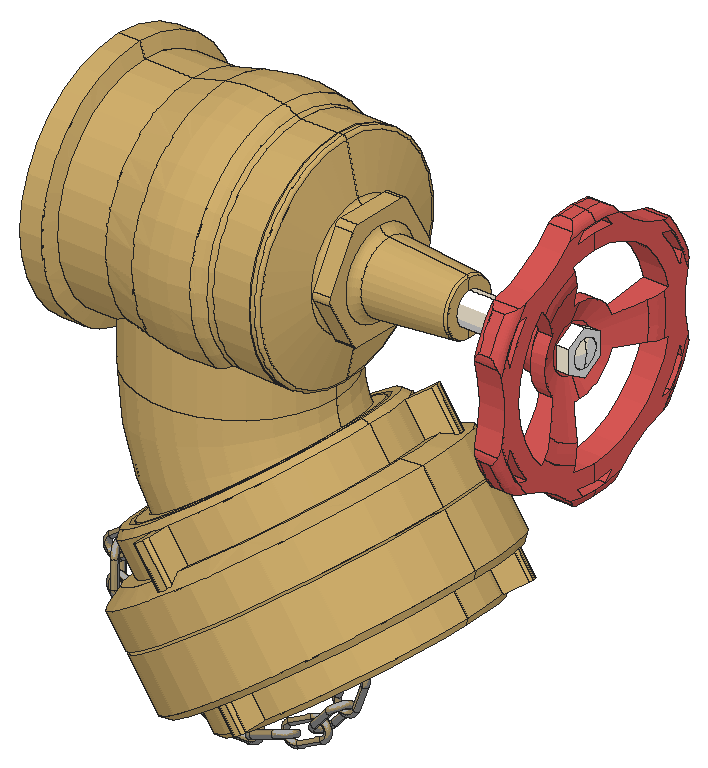
Revit family "Valvula para Hidrante", category Acessórios do tubo, Revit 2026
Family settings
  Cota do conector redondo = Usar raio
  Tipo de parte = Válvula - Normal
  Com base no plano de trabalho = Não
  Sempre na vertical = Não
  Corte com vazios quando carregada = Não
  Compartilhado = Sim
Parameters (values of type "Válvula do Hidrante Simples - 2.1/2"")
  Volante [instance] = Vermelho - Docol
  FireUtils - Vazão Mínima = 0.0 L/min
  FireUtils - Tipo do Sistema = 1
  Tipo de imagem = Valvula Angular Hidrante.jpg
  Perda de Carga [instance] = if(Diâmetro Nominal = 15.000 mm, 2.6, if(Diâmetro Nominal = 20.000 mm, 3.6, if(Diâmetro Nominal = 25.000 mm, 4.6, if(Diâmetro Nominal = 32.000 mm, 5.6, if(Diâmetro Nominal = 40.000 mm, 6.7, if(Diâmetro Nominal = 50.000 mm, 8.5, if(Diâmetro Nominal = 65.000 mm, 10, if(Diâmetro Nominal = 75.000 mm, 13, if(Diâmetro Nominal = 100.000 mm, 17, if(Diâmetro Nominal = 125.000 mm, 21, if(Diâmetro Nominal = 150.000 mm, 26, 0)))))))))))  # 10
  Ligar tampa storz [instance] = yes
  Ligar Adaptador storz [instance] = yes
  FireUtils - Pressão Mínima = 0.0 kPa
  FireUtils - Pressão [instance] = 0.0 kPa
  FireUtils - ID Hidrante [instance] = ""
  FireUtils - Diâmetro da Mangueira = 25 mm
  FireUtils - Comprimento da Mangueira = 30000.000 mm
  Docol: Bitola = "2 1/2\""
  Diâmetro Nominal = Raio Nominal * 2  # 65 mm
  DESCRIÇÃO DO MATERIAL = "Válvula para hidrante 45º 2.1/2''"  # constant formula
  Type Comments = ""
  K Coefficient = 0
  URL = ""
  Raio Nominal = 32.5 mm
  Modelo = Docol: Código  # "00322800"
  Fabricante = Docol: Fabricante  # "Docol"
  FireUtils - Vazão [instance] = 0.0 L/min
  Docol: Temperatura Máxima = 120 °C
  Docol: Marcador [instance] = "00"
  Docol: Link do Produto = "http://www.docol.com.br/pt/produto/valvula-para-hidrante-45"
  Docol: Linha = "Válvula Angular para Hidrante"
  Docol: Fabricante = "Docol"
  Docol: Descrição = "Válvula para hidrante 45º 2 1/2\""
  Docol: Código = "00322800"
  Docol: Categoria = "Válvulas"
  Docol: Ambiente = "Hidráulicos"
  Docol: Acabamento = "Bronze"
  Descrição = "Valvula do Hidrante"
  Elevação padrão = 1.300 mm
  Corpo [instance] = Dourado - Docol
Reference planes
  plane 1 "Center (Front/Back)": y = 0
  plane 2: z = 0
  plane 3 "Center (Left/Right)": x = 0
Forms (mm)
  Revolve 1, solid, material "Dourado - Docol" <- "Corpo", detail levels fine
    sketch origin (-81.633, 0, 0) x (0, 0, -1) y (1, 0, 0)
      loop
        line (0, 0) -> (0, 90.625) -> (-20.291, 90.625)
        arc (-20.291, 90.625) -> (-20.739, 89.401) -> (-21.845, 88.711) r 2.005
        line (-21.845, 88.711) -> (-39.947, 84.532)
        arc (-39.947, 84.532) -> (-40.705, 84.054) -> (-41, 83.208) r 1.359
        line (-41, 83.208) -> (-41, 81.633) -> (-38.742, 81.315) -> (-41, 81.315) -> (-41, 67.73)
        arc (-41, 67.73) -> (-41.108, 66.698) -> (-41.426, 65.711) r 5
        arc (-41.426, 65.711) -> (-42.923, 63.743) -> (-43.807, 61.434) r 8.717
        arc (-43.807, 61.434) -> (-44.967, 50.583) -> (-43.58, 39.759) r 46.766
        line (-43.58, 39.759) -> (-40.493, 27.376) -> (-40.493, 9.561) -> (-45.674, 7.877) -> (-45.674, 0) -> (0, 0)
      axis (0, 90.625) -> (0, 0)
    angle from 0 to 360
  Extrusion 2, solid, material "Dourado - Docol" <- "Corpo", detail levels fine
    sketch origin (8.992, 0, 0) x (0, 1, 0) y (0, 0, 1)
      loop
        line (22.696, 1.5) -> (12.647, 18.905)
        arc (12.647, 18.905) -> (11.549, 20.003) -> (10.049, 20.405) r 3
        line (10.049, 20.405) -> (-10.049, 20.405)
        arc (-10.049, 20.405) -> (-11.549, 20.003) -> (-12.647, 18.905) r 3
        line (-12.647, 18.905) -> (-22.696, 1.5)
        arc (-22.696, 1.5) -> (-23.098, 0) -> (-22.696, -1.5) r 3
        line (-22.696, -1.5) -> (-12.647, -18.905)
        arc (-12.647, -18.905) -> (-11.549, -20.003) -> (-10.049, -20.405) r 3
        line (-10.049, -20.405) -> (10.049, -20.405)
        arc (10.049, -20.405) -> (11.549, -20.003) -> (12.647, -18.905) r 3
        line (12.647, -18.905) -> (22.696, -1.5)
        arc (22.696, -1.5) -> (23.098, 0) -> (22.696, 1.5) r 3
    from 0 to 6.342
  Revolve 3, solid, material "Metal prata", detail levels fine
    sketch origin (-81.633, 0, 0) x (0, 0, -1) y (1, 0, 0)
      loop
        line (0, 130.15) -> (0, 173.689)
        arc (0, 173.689) -> (-2.534, 173.495) -> (-5.037, 173.052) r 25.767
        line (-5.037, 173.052) -> (-5.037, 163.727) -> (-5.999, 162.766) -> (-5.999, 130.15) -> (0, 130.15)
      axis (0, 173.689) -> (0, 130.15)
    angle from 0 to 360
  Extrusion 4, solid, material "Metal prata", detail levels fine
    sketch origin (91.42, 0, 0) x (0, 1, 0) y (0, 0, 1)
      loop
        line (7.178, 4.144) -> (0, 8.289) -> (-7.178, 4.144) -> (-7.178, -4.144) -> (0, -8.289) -> (7.178, -4.144) -> (7.178, 4.144)
      loop
        circle (0, 0) r 5.037
    from 0 to -5
  Revolve 5, solid, material "Vermelho - Docol" <- "Volante", detail levels fine
    sketch origin (-81.633, 0, 0) x (0, 0, -1) y (1, 0, 0)
      loop
        line (0, 151.324) -> (0, 168.052) -> (-8.638, 168.052) -> (-26.938, 175.512)
        arc (-26.938, 175.512) -> (-30.07, 176.447) -> (-33.322, 176.763) r 16.913
        line (-33.322, 176.763) -> (-44.606, 176.763)
        arc (-44.606, 176.763) -> (-46.907, 175.81) -> (-47.86, 173.508) r 3.254
        line (-47.86, 173.508) -> (-47.86, 169.197)
        arc (-47.86, 169.197) -> (-47.296, 167.837) -> (-45.935, 167.273) r 1.925
        line (-45.935, 167.273) -> (-23.107, 167.273)
        arc (-23.107, 167.273) -> (-19.925, 166.98) -> (-16.85, 166.113) r 17.458
        line (-16.85, 166.113) -> (-13.247, 164.73)
        arc (-13.247, 164.73) -> (-12.136, 163.915) -> (-11.592, 162.649) r 2.619
        line (-11.592, 162.649) -> (-10, 151.324) -> (0, 151.324)
      axis (0, 176.763) -> (0, 151.324)
    angle from 0 to 360
  Extrusion 6, void
    sketch origin (69.692, 0, 0) x (0, 0, -1) y (0, 1, 0)
      loop
        circle (0, 0) r 57.76
      loop
        arc (-14.596, 44.088) -> (-16.805, 44.467) -> (-19.018, 44.117) r 6.885
        arc (-19.018, 44.117) -> (-24.142, 41.816) -> (-28.697, 38.529) r 27.699
        arc (-28.697, 38.529) -> (-30.107, 36.787) -> (-30.883, 34.685) r 6.885
        arc (-30.883, 34.685) -> (-36.055, 20.816) -> (-45.48, 9.403) r 44.606
        arc (-45.48, 9.403) -> (-46.912, 7.68) -> (-47.715, 5.588) r 6.885
        arc (-47.715, 5.588) -> (-48.285, 0) -> (-47.715, -5.588) r 27.699
        arc (-47.715, -5.588) -> (-46.912, -7.68) -> (-45.48, -9.403) r 6.885
        arc (-45.48, -9.403) -> (-36.055, -20.816) -> (-30.883, -34.685) r 44.606
        arc (-30.883, -34.685) -> (-30.107, -36.787) -> (-28.697, -38.529) r 6.885
        arc (-28.697, -38.529) -> (-24.142, -41.816) -> (-19.018, -44.117) r 27.699
        arc (-19.018, -44.117) -> (-16.805, -44.467) -> (-14.596, -44.088) r 6.885
        arc (-14.596, -44.088) -> (0, -41.632) -> (14.596, -44.088) r 44.606
        arc (14.596, -44.088) -> (16.805, -44.467) -> (19.018, -44.117) r 6.885
        arc (19.018, -44.117) -> (24.142, -41.816) -> (28.697, -38.529) r 27.699
        arc (28.697, -38.529) -> (30.107, -36.787) -> (30.883, -34.685) r 6.885
        arc (30.883, -34.685) -> (36.055, -20.816) -> (45.48, -9.403) r 44.606
        arc (45.48, -9.403) -> (46.912, -7.68) -> (47.715, -5.588) r 6.885
        arc (47.715, -5.588) -> (48.285, 0) -> (47.715, 5.588) r 27.699
        arc (47.715, 5.588) -> (46.912, 7.68) -> (45.48, 9.403) r 6.885
        arc (45.48, 9.403) -> (36.055, 20.816) -> (30.883, 34.685) r 44.606
        arc (30.883, 34.685) -> (30.107, 36.787) -> (28.697, 38.529) r 6.885
        arc (28.697, 38.529) -> (24.142, 41.816) -> (19.018, 44.117) r 27.699
        arc (19.018, 44.117) -> (16.805, 44.467) -> (14.596, 44.088) r 6.885
        arc (14.596, 44.088) -> (0, 41.632) -> (-14.596, 44.088) r 44.606
    from -4.97 to 28.346
  Sweep 7, solid, material "Dourado - Docol" <- "Corpo", detail levels fine
    path origin (-81.633, 0, 0) x (0, 0, -1) y (1, 0, 0)
      loop
        line (23.105, 45.046) -> (47.286, 45.046)
        arc (47.286, 45.046) -> (65.329, 47.823) -> (81.701, 55.897) r 60
        line (81.701, 55.897) -> (93.645, 64.26)
    profile origin (-36.587, 0, -35.196) x (0, -1, 0) y (1, 0, 0)
      loop
        circle (0, 0) r 35.885
      loop
        circle (0, 0) r 35
  Extrusion 8, void
    sketch origin (69.692, 0, 0) x (0, 0, -1) y (0, 1, 0)
      loop
        line (-5.511, 14.957) -> (-8.128, 34.55)
        arc (-8.128, 34.55) -> (-30.738, 17.746) -> (-33.985, -10.236) r 35.493
        line (-33.985, -10.236) -> (-15.709, -2.706)
        arc (-15.709, -2.706) -> (-13.804, 7.97) -> (-5.511, 14.957) r 15.94
      loop
        arc (-12.885, 39.371) -> (-15.175, 40.062) -> (-17.429, 40.864) r 48.606
        arc (-17.429, 40.864) -> (-22.213, 38.474) -> (-26.675, 35.526) r 44.426
        arc (-26.675, 35.526) -> (-27.107, 33.173) -> (-27.654, 30.844) r 48.606
        arc (-27.654, 30.844) -> (-20.713, 35.876) -> (-12.885, 39.371) r 41.426
      loop
        line (15.709, -2.706) -> (33.985, -10.236)
        arc (33.985, -10.236) -> (30.738, 17.746) -> (8.128, 34.55) r 35.493
        line (8.128, 34.55) -> (5.511, 14.957)
        arc (5.511, 14.957) -> (13.804, 7.97) -> (15.709, -2.706) r 15.94
      loop
        line (-10.197, -12.251) -> (-25.857, -24.314)
        arc (-25.857, -24.314) -> (0, -35.493) -> (25.857, -24.314) r 35.493
        line (25.857, -24.314) -> (10.197, -12.251)
        arc (10.197, -12.251) -> (0, -15.94) -> (-10.197, -12.251) r 15.94
      loop
        arc (12.885, 39.371) -> (20.713, 35.876) -> (27.654, 30.844) r 41.426
        arc (27.654, 30.844) -> (27.107, 33.173) -> (26.675, 35.526) r 48.606
        arc (26.675, 35.526) -> (22.213, 38.474) -> (17.429, 40.864) r 44.426
        arc (17.429, 40.864) -> (15.175, 40.062) -> (12.885, 39.371) r 48.606
      loop
        arc (-12.885, -39.371) -> (-20.713, -35.876) -> (-27.654, -30.844) r 41.426
        arc (-27.654, -30.844) -> (-27.107, -33.173) -> (-26.675, -35.526) r 48.606
        arc (-26.675, -35.526) -> (-22.213, -38.474) -> (-17.429, -40.864) r 44.426
        arc (-17.429, -40.864) -> (-15.175, -40.062) -> (-12.885, -39.371) r 48.606
      loop
        arc (12.885, -39.371) -> (15.175, -40.062) -> (17.429, -40.864) r 48.606
        arc (17.429, -40.864) -> (22.213, -38.474) -> (26.675, -35.526) r 44.426
        arc (26.675, -35.526) -> (27.107, -33.173) -> (27.654, -30.844) r 48.606
        arc (27.654, -30.844) -> (20.713, -35.876) -> (12.885, -39.371) r 41.426
      loop
        arc (-40.539, 8.527) -> (-42.282, 6.889) -> (-44.104, 5.338) r 48.606
        arc (-44.104, 5.338) -> (-44.426, 0) -> (-44.104, -5.338) r 44.426
        arc (-44.104, -5.338) -> (-42.282, -6.889) -> (-40.539, -8.527) r 48.606
        arc (-40.539, -8.527) -> (-41.426, 0) -> (-40.539, 8.527) r 41.426
      loop
        arc (40.539, 8.527) -> (41.426, 0) -> (40.539, -8.527) r 41.426
        arc (40.539, -8.527) -> (42.282, -6.889) -> (44.104, -5.338) r 48.606
        arc (44.104, -5.338) -> (44.426, 0) -> (44.104, 5.338) r 44.426
        arc (44.104, 5.338) -> (42.282, 6.889) -> (40.539, 8.527) r 48.606
    from 0 to 31.946
  Extrusion 9, solid, material "Dourado - Docol" <- "Corpo", detail levels fine
    sketch origin (-17.373, 0, -93.645) x (0, -1, 0) y (-0.819152, 0, -0.573576)
      loop
        circle (0, 0) r 40.885
      loop
        circle (0, 0) r 35.885
    from 0 to -20
  Extrusion 10, void
    sketch origin (-81.633, 0, 0) x (0, 0, 1) y (0, 1, 0)
      loop
        circle (0, 0) r 32.5
    from 0 to -27.376
  Revolve 11, solid, material "Dourado - Docol" <- "Corpo", detail levels fine
    sketch origin (-81.633, 0, 0) x (0, 0, -1) y (1, 0, 0)
      loop
        line (0, 96.967) -> (0, 130.15) -> (-10.04, 130.15) -> (-10.417, 129.103) -> (-12.947, 100.182)
        arc (-12.947, 100.182) -> (-13.891, 98.06) -> (-15.94, 96.967) r 3.571
        line (-15.94, 96.967) -> (0, 96.967)
      axis (0, 130.15) -> (0, 96.967)
    angle from 0 to 360
Cuts and joins
  Extrusion 10 cuts Extrusion 4
  Extrusion 6, Extrusion 8 cuts Revolve 5
  Extrusion 10 cuts Revolve 3
  Extrusion 8, Extrusion 10 cuts Revolve 1
  Extrusion 10 cuts Extrusion 2
  Extrusion 10 cuts Sweep 7
  joined: Revolve 1, Extrusion 2, Sweep 7, Revolve 11
Dimensions and locks
  "Raio Nominal": radius of Extrusion 10 sketch curve
  aligned and locked: plane 2 to level
Automatic sketch dimensions
  Revolve 1 sketch curve to plane 3 "Center (Left/Right)" = 0.000 mm
  Revolve 1 sketch curve to plane 3 "Center (Left/Right)" = 13.902 mm
  level to Revolve 1 sketch curve = 46.000 mm
  Revolve 1 sketch curve to Revolve 1 sketch curve = 0.326 mm
  Revolve 1 sketch curve to plane 3 "Center (Left/Right)" = 41.874 mm
  Revolve 1 sketch curve to Revolve 1 sketch curve = 2.420 mm
  Revolve 1 sketch curve to plane 3 "Center (Left/Right)" = 0.317 mm
  Revolve 1 sketch curve to Revolve 1 sketch curve = 5.000 mm
  Revolve 1 sketch curve to Revolve 1 sketch curve = 0.000 mm  (x3)
  Revolve 1 sketch curve to Revolve 1 sketch curve = 3.087 mm
  plane 3 "Center (Left/Right)" to Revolve 1 sketch curve = 2.899 mm
  Revolve 1 sketch curve to Revolve 1 sketch curve = 1.053 mm
  Revolve 1 sketch curve to Revolve 1 sketch curve = 1.359 mm
  Revolve 1 sketch curve to Revolve 1 sketch curve = 0.899 mm
  Revolve 1 sketch curve to Revolve 1 sketch curve = 5.693 mm
  plane 3 "Center (Left/Right)" to Revolve 1 sketch curve = 9.032 mm
  Revolve 1 sketch curve to Revolve 1 sketch curve = 17.651 mm
  plane 3 "Center (Left/Right)" to Revolve 1 sketch curve = 7.078 mm
  Revolve 1 sketch curve to Revolve 1 sketch curve = 0.451 mm
  Revolve 1 sketch curve to Revolve 1 sketch curve = 2.005 mm
  Revolve 1 sketch curve to Revolve 1 sketch curve = 20.291 mm
  Revolve 1 sketch curve to Revolve 1 sketch curve = 37.104 mm
  Revolve 1 sketch curve to Revolve 1 sketch curve = 12.383 mm
  Revolve 1 sketch curve to Revolve 1 sketch curve = 17.815 mm
  Revolve 1 sketch curve to Revolve 1 sketch curve = 1.683 mm
  Revolve 1 sketch curve to Revolve 1 sketch curve = 9.561 mm
  Revolve 1 sketch curve to plane 3 "Center (Left/Right)" = 30.560 mm
  Revolve 1 sketch curve to Revolve 1 sketch curve = 8.228 mm
  Revolve 1 sketch curve to Revolve 1 sketch curve = 8.492 mm
  Revolve 1 sketch curve to Revolve 1 sketch curve = 20.000 mm
  Revolve 1 to Extrusion 2 sketch curve = 22.696 mm
  Extrusion 2 sketch curve to Extrusion 2 sketch curve = 0.000 mm  (x2)
  Extrusion 2 sketch curve to Extrusion 2 sketch curve = 2.598 mm  (x6)
  Revolve 1 to Extrusion 2 sketch curve = 12.647 mm  (x2)
  Extrusion 2 sketch curve to Revolve 1 = 10.049 mm  (x2)
  Extrusion 2 sketch curve to Extrusion 2 sketch curve = 10.049 mm
  Extrusion 2 sketch curve to Extrusion 2 sketch curve = 1.500 mm  (x5)
  Extrusion 2 sketch curve to Extrusion 2 sketch curve = 17.405 mm  (x4)
  level to Revolve 3 sketch curve = 5.999 mm
  Revolve 3 sketch curve to Revolve 3 sketch curve = 0.962 mm  (x2)
  Revolve 3 sketch curve to Revolve 3 sketch curve = 5.999 mm
  Revolve 3 sketch curve to Revolve 3 sketch curve = 6.694 mm
  plane 3 "Center (Left/Right)" to Revolve 3 sketch curve = 48.517 mm
  Revolve 3 sketch curve to Revolve 3 sketch curve = 17.781 mm
  Revolve 3 sketch curve to Revolve 3 sketch curve = 14.834 mm
  Revolve 3 sketch curve to Revolve 3 sketch curve = 9.325 mm
  Revolve 3 sketch curve to Revolve 3 sketch curve = 0.000 mm
  Revolve 3 sketch curve to Revolve 3 sketch curve = 9.473 mm
  Revolve 3 sketch curve to Revolve 3 sketch curve = 11.129 mm
  Extrusion 4 sketch curve to Extrusion 4 sketch curve = 0.000 mm  (x2)
  Extrusion 4 sketch curve to plane 1 "Center (Front/Back)" = 0.000 mm  (x3)
  plane 1 "Center (Front/Back)" to Extrusion 4 sketch curve = 7.178 mm
  Extrusion 4 sketch curve to plane 1 "Center (Front/Back)" = 7.178 mm
  Extrusion 4 sketch curve to level = 8.289 mm
  Extrusion 4 sketch curve to Extrusion 4 sketch curve = 4.144 mm  (x5)
  Extrusion 4 sketch curve to Extrusion 4 sketch curve = 8.289 mm
  Extrusion 4 sketch curve to Extrusion 4 sketch curve = 3.251 mm
  level to Revolve 5 sketch curve = 47.860 mm
  Revolve 5 sketch curve to Revolve 5 sketch curve = 1.925 mm
  Revolve 5 sketch curve to Revolve 5 sketch curve = 3.254 mm
  Revolve 5 sketch curve to Revolve 5 sketch curve = 12.613 mm
  Revolve 5 sketch curve to Revolve 5 sketch curve = 6.384 mm
  Revolve 5 sketch curve to Revolve 5 sketch curve = 10.216 mm
  Revolve 5 sketch curve to Revolve 5 sketch curve = 6.257 mm
  Revolve 5 sketch curve to Revolve 5 sketch curve = 2.665 mm
  Revolve 5 sketch curve to Revolve 5 sketch curve = 0.939 mm
  Revolve 5 sketch curve to Revolve 5 sketch curve = 2.594 mm
  Revolve 5 sketch curve to Revolve 5 sketch curve = 1.592 mm
  Revolve 5 sketch curve to Revolve 5 sketch curve = 4.608 mm
  Revolve 5 sketch curve to Revolve 5 sketch curve = 10.000 mm
  plane 3 "Center (Left/Right)" to Revolve 5 sketch curve = 68.182 mm
  Revolve 5 sketch curve to Revolve 5 sketch curve = 1.510 mm
  Revolve 5 sketch curve to Revolve 5 sketch curve = 10.035 mm
  Revolve 5 sketch curve to Revolve 5 sketch curve = 10.961 mm
  Revolve 5 sketch curve to Revolve 5 sketch curve = 0.365 mm
  Revolve 5 sketch curve to Revolve 5 sketch curve = 1.383 mm
  Revolve 5 sketch curve to Revolve 5 sketch curve = 3.322 mm
  Revolve 5 sketch curve to Revolve 5 sketch curve = 4.311 mm
  Revolve 5 sketch curve to Revolve 5 sketch curve = 0.000 mm
  Revolve 5 sketch curve to Revolve 5 sketch curve = 10.033 mm
  Revolve 5 sketch curve to Revolve 5 sketch curve = 3.996 mm
  Extrusion 6 sketch curve to Revolve 5 = 0.000 mm  (x2)
  Extrusion 6 sketch curve to Extrusion 6 sketch curve = 0.000 mm  (x26)
  Extrusion 6 sketch curve to Extrusion 6 sketch curve = 10.293 mm  (x2)
  Extrusion 6 sketch curve to Extrusion 6 sketch curve = 6.556 mm  (x4)
  Extrusion 6 sketch curve to Extrusion 6 sketch curve = 20.586 mm  (x4)
  Extrusion 6 sketch curve to Extrusion 6 sketch curve = 7.273 mm  (x4)
  Extrusion 6 sketch curve to Revolve 5 = 4.199 mm  (x2)
  Extrusion 6 sketch curve to Extrusion 6 sketch curve = 20.386 mm  (x2)
  Extrusion 6 sketch curve to Extrusion 6 sketch curve = 50.562 mm  (x2)
  Extrusion 6 sketch curve to Extrusion 6 sketch curve = 33.712 mm  (x2)
  Extrusion 6 sketch curve to Revolve 5 = 17.828 mm  (x2)
  Extrusion 6 sketch curve to Extrusion 6 sketch curve = 15.555 mm  (x4)
  Extrusion 6 sketch curve to Extrusion 6 sketch curve = 4.199 mm  (x4)
  Extrusion 6 sketch curve to Revolve 5 = 43.119 mm  (x2)
  Extrusion 6 sketch curve to Extrusion 6 sketch curve = 48.656 mm  (x2)
  Revolve 5 to Extrusion 6 sketch curve = 4.199 mm  (x2)
  Revolve 5 to Extrusion 6 sketch curve = 17.828 mm  (x2)
  Revolve 5 to Extrusion 6 sketch curve = 43.119 mm  (x2)
  Extrusion 6 sketch curve to Extrusion 6 sketch curve = 2.253 mm  (x2)
  Sweep 7 sketch curve to level = 47.286 mm
  Sweep 7 sketch curve to level = 81.701 mm
  Sweep 7 sketch curve to plane 3 "Center (Left/Right)" = 36.587 mm
  Sweep 7 sketch curve to plane 3 "Center (Left/Right)" = 25.736 mm
  Sweep 7 sketch curve to Sweep 7 sketch curve = 24.181 mm
  Sweep 7 sketch curve to level = 93.645 mm
  Sweep 7 sketch curve to Sweep 7 sketch curve = 8.363 mm
  Sweep 7 sketch curve to Sweep 7 sketch curve = 0.000 mm  (x2)
  plane 1 "Center (Front/Back)" to Sweep 7 sketch curve = 0.000 mm
  Sweep 7 sketch curve to profile plane = 0.000 mm
  Extrusion 8 sketch curve to Extrusion 8 sketch curve = 0.000 mm  (x12)
  Revolve 5 to Extrusion 8 sketch curve = 14.957 mm  (x2)
  Revolve 5 to Extrusion 8 sketch curve = 34.550 mm  (x2)
  Extrusion 8 sketch curve to Revolve 5 = 12.251 mm  (x2)
  Extrusion 8 sketch curve to Revolve 5 = 2.706 mm  (x2)
  Extrusion 8 sketch curve to Revolve 5 = 24.314 mm  (x2)
  Extrusion 8 sketch curve to Revolve 5 = 10.236 mm  (x2)
  Extrusion 8 sketch curve to Extrusion 8 sketch curve = 48.827 mm  (x2)
  Revolve 5 to Extrusion 8 sketch curve = 43.119 mm  (x2)
  Extrusion 8 sketch curve to Extrusion 8 sketch curve = 66.556 mm  (x2)
  Extrusion 8 sketch curve to Extrusion 8 sketch curve = 25.857 mm
  Extrusion 8 sketch curve to Extrusion 8 sketch curve = 8.128 mm
  Extrusion 8 sketch curve to Revolve 5 = 43.119 mm  (x2)
  Extrusion 8 sketch curve to Extrusion 8 sketch curve = 61.924 mm
  Extrusion 8 sketch curve to Extrusion 8 sketch curve = 51.688 mm
  Extrusion 8 sketch curve to Extrusion 8 sketch curve = 4.757 mm  (x2)
  Extrusion 8 sketch curve to Extrusion 8 sketch curve = 12.972 mm  (x2)
  Extrusion 8 sketch curve to Extrusion 8 sketch curve = 9.246 mm  (x4)
  Extrusion 8 sketch curve to Extrusion 8 sketch curve = 6.554 mm  (x2)
  Revolve 5 to Extrusion 8 sketch curve = 8.527 mm  (x2)
  Extrusion 10 sketch curve to plane 1 "Center (Front/Back)" = 0.000 mm
  level to Extrusion 10 sketch curve = 0.000 mm
  plane 3 "Center (Left/Right)" to Revolve 11 sketch curve = 18.861 mm
  level to Revolve 11 sketch curve = 16.505 mm
  Revolve 11 sketch curve to Revolve 11 sketch curve = 0.565 mm
  plane 3 "Center (Left/Right)" to Revolve 11 sketch curve = 18.549 mm
  Revolve 11 sketch curve to Revolve 11 sketch curve = 3.557 mm
  Revolve 11 sketch curve to Revolve 11 sketch curve = 2.530 mm
  Revolve 11 sketch curve to Revolve 11 sketch curve = 0.377 mm
  Revolve 11 sketch curve to Revolve 11 sketch curve = 12.947 mm
  Revolve 11 sketch curve to Revolve 11 sketch curve = 28.921 mm
  Revolve 11 sketch curve to Revolve 11 sketch curve = 1.047 mm
  Revolve 11 sketch curve to Revolve 11 sketch curve = 0.000 mm
  Revolve 11 sketch curve to Revolve 11 sketch curve = 53.012 mm
  Revolve 11 sketch curve to Revolve 11 sketch curve = 11.129 mm
  radius of Revolve 5 to Extrusion 6 sketch curve = 47.760 mm
  radius of Sweep 7 sketch curve = 35.885 mm
  radius of Sweep 7 sketch curve = 35.000 mm
  radius of Revolve 5 to Extrusion 8 sketch curve = 5.940 mm  (x3)
  radius of Revolve 5 to Extrusion 8 sketch curve = 25.493 mm  (x3)
  radius of Revolve 5 to Extrusion 8 sketch curve = 31.426 mm  (x6)
  radius of Revolve 5 to Extrusion 8 sketch curve = 34.426 mm  (x6)
  radius of Sweep 7 to Extrusion 9 sketch curve = 5.000 mm
  radius of Extrusion 9 sketch curve to Sweep 7 = 0.000 mm
Nested families
  nested 1: "Adaptador Storz" at (0.408, 0, -119.039) x (0.8192, 0, 0.5736) z (-0.5736, 0, 0.8192), visible <- "Ligar Adaptador storz", type "2.1/2"", detail levels fine
  nested 2: "Tampa Storz" at (-19.422, 0, -90.719) x (0.8192, 0, 0.5736) z (0.5736, 0, -0.8192), visible <- "Ligar tampa storz", type "2.1/2" - com corrente", detail levels fine
Connectors
  piping at (-54.256, 0, 0), diameter 65, driven by "Raio Nominal", driven by "FireUtils - Vazão"
    settings: on cut or joined group of Extrusion 4, Extrusion 10, index 1, connector inside diameter 609.6 mm, connector length 0.000 mm, flow factor 0, pipe flow 0.0 L/min, pressure drop 0.0 kPa, fitting loss kfactor 0, connector angle 0.00°, fixture units 0, engagement length 0.000 mm, angle of deflection 0.00°, flow configuration 1, flow direction 2, fitting loss method 0, system type 23, joint type 0, gender type 0, connector reference index -1, connector utility 0, adjustable connector yes, is connector primary yes, connector description ""
Definition of nested family "Adaptador Storz"
  Parameters (values of type "2.1/2"")
    Diametro nominal = 65.000 mm
    Description = "Adaptador Storz 2.1/2\""
    Default Elevation = 0.000 mm
    DESCRIÇÃO DO MATERIAL = "Adaptador Storz 2.1/2''"  # constant formula
  Reference planes
    plane 1 "Centro (Frente/Trás)": y = 0
    plane 2: z = 0
    plane 3 "Centro (Esquerda/Direita)": x = 0
    plane 4: x = -60
    plane 5: z = 51
    plane 6: z = 18.5
  Forms (mm)
    Revolve 1, solid
      sketch origin (0, 0, 0) x (1, 0, 0) y (0, 0, 1)
        loop
          line (-60, 18.5) -> (-46.22, 18.5) -> (-46.22, 24.765) -> (-47.439, 25.985) -> (-47.439, 28.473) -> (-42.439, 28.473) -> (-42.439, 11.625) -> (-38.689, 11.625) -> (-38.689, 30.606) -> (-42.439, 30.606) -> (-42.439, 51) -> (-45.786, 51) -> (-48.038, 48.748) -> (-48.038, 35.852) -> (-53.038, 35.852) -> (-60, 31.833) -> (-60, 18.5)
        axis (0, 51) -> (0, 11.625)
      angle from 0 to 360
    Extrusion 2, solid
      sketch origin (0, 0, 0) x (1, 0, 0) y (0, 1, 0)
        loop
          line (-50.767, 25.775) -> (-39.918, 19.512) -> (-36.857, 24.815) -> (-47.705, 31.078)
          arc (-47.705, 31.078) -> (-48.67, 31.205) -> (-49.443, 30.612) r 1.273
          line (-49.443, 30.612) -> (-51.232, 27.513)
          arc (-51.232, 27.513) -> (-51.359, 26.547) -> (-50.767, 25.775) r 1.273
        loop
          arc (-3.062, -56.852) -> (-2.689, -57.752) -> (-1.789, -58.125) r 1.273
          line (-1.789, -58.125) -> (1.789, -58.125)
          arc (1.789, -58.125) -> (2.689, -57.752) -> (3.062, -56.852) r 1.273
          line (3.062, -56.852) -> (3.062, -44.326) -> (-3.062, -44.326) -> (-3.062, -56.852)
        loop
          arc (50.767, 25.775) -> (51.359, 26.547) -> (51.232, 27.513) r 1.273
          line (51.232, 27.513) -> (49.443, 30.612)
          arc (49.443, 30.612) -> (48.67, 31.205) -> (47.705, 31.078) r 1.273
          line (47.705, 31.078) -> (36.857, 24.815) -> (39.918, 19.512) -> (50.767, 25.775)
      from 30.606 to 48.748
    Sweep 3, solid
      path origin (0, 0, 0) x (1, 0, 0) y (0, 1, 0)
        loop
          arc (-51.528, 12.564) -> (-53.038, 0) -> (-51.528, -12.564) r 53.038
      profile origin (-53.038, 0, 0) x (1, 0, 0) y (0, 0, 1)
        loop
          line (1.506, 18.5) -> (1.506, 10.772) -> (-1.532, 10.772) -> (-1.532, 5.772) -> (1.506, 2.734) -> (5.301, 2.734) -> (6.818, 4.252) -> (6.818, 18.5) -> (1.506, 18.5)
    Sweep 4, solid
      path origin (0, 0, 0) x (-1, 0, 0) y (0, 1, 0)
        loop
          arc (-51.528, 12.564) -> (-53.038, 0) -> (-51.528, -12.564) r 53.038
      profile origin (53.038, 0, 0) x (1, 0, 0) y (0, 0, 1)
        loop
          line (-1.506, 18.5) -> (-6.818, 18.5) -> (-6.818, 4.252) -> (-5.301, 2.734) -> (-1.506, 2.734) -> (1.532, 5.772) -> (1.532, 10.772) -> (-1.506, 10.772) -> (-1.506, 18.5)
  Cuts and joins
    joined: Revolve 1, Extrusion 2, Sweep 3, Sweep 4
  Dimensions and locks
    plane 4 to Revolve 1 sketch curve = 60.000 mm
    plane 5 to level = 51.000 mm
    plane 5 to plane 6 = 32.500 mm
    aligned and locked: level to plane 2
    aligned and locked: Revolve 1 sketch curve to plane 3 "Centro (Esquerda/Direita)"
    aligned and locked: Extrusion 2 to Revolve 1  (x2)
  Connectors
    piping at (0, 0, 51), diameter 65, driven by "Diametro nominal"
      settings: on cut or joined group of Revolve 1, Extrusion 2, Sweep 3, Sweep 4, index 1, connector inside diameter 609.6 mm, connector length 0.000 mm, flow factor 0, pipe flow 0.0 L/min, pressure drop 0.0 kPa, fitting loss kfactor 0, connector angle 0.00°, fixture units 0, engagement length 0.000 mm, angle of deflection 0.00°, flow configuration 0, flow direction 0, fitting loss method 2, system type 23, joint type 0, gender type 0, connector reference index -1, connector utility 0, adjustable connector no, is connector primary yes, connector description ""
    piping at (0, 0, 11.625), diameter 65, driven by "Diametro nominal"
      settings: on cut or joined group of Revolve 1, Extrusion 2, Sweep 3, Sweep 4, index 2, connector inside diameter 609.6 mm, connector length 0.000 mm, flow factor 0, pipe flow 0.0 L/min, pressure drop 0.0 kPa, fitting loss kfactor 0, connector angle 0.00°, fixture units 0, engagement length 0.000 mm, angle of deflection 0.00°, flow configuration 0, flow direction 0, fitting loss method 0, system type 23, joint type 0, gender type 0, connector reference index -1, connector utility 0, adjustable connector no, is connector primary no, connector description ""
Definition of nested family "Tampa Storz"
  Parameters (values of type "2.1/2" - com corrente")
    Ocultar corrente = yes
    Diametro = 65.000 mm
    Description = "Tampa Storz com corrente 2.1/2\""
    Default Elevation = 0.000 mm
    DESCRIÇÃO DO MATERIAL = Description  # "Tampa Storz com corrente 2.1/2\""
  Types (2, lengths in mm): name | Ocultar corrente | Description | DESCRIÇÃO DO MATERIAL
    2.1/2" - com corrente | yes | "Tampa Storz com corrente 2.1/2\"" | "Tampa Storz com corrente 2.1/2\""
    2.1/2" - sem corrente | no | "Tampa Storz sem corrente 2.1/2\"" | "Tampa Storz sem corrente 2.1/2\""
  Reference planes
    plane 1 "Centro (Frente/Trás)": y = 0
    plane 2: z = 0
    plane 3 "Centro (Esquerda/Direita)": x = 0
    plane 4: x = -60
    plane 5: z = 54
    plane 6: x = 60
  Forms (mm)
    Revolve 1, solid
      sketch origin (0, 0, 0) x (1, 0, 0) y (0, 0, 1)
        loop
          line (0, 16.073) -> (0, 54) -> (-7.073, 54) -> (-7.073, 51.779) -> (-6.184, 50.889) -> (-6.184, 44.846) -> (-41.184, 44.846) -> (-41.184, 50.889) -> (-46.184, 50.889) -> (-47.871, 49.201) -> (-47.871, 39.201) -> (-57.871, 39.201) -> (-60, 37.073) -> (-60, 17.073) -> (-48.871, 17.073) -> (-48.871, 16.073) -> (-47.871, 16.073) -> (-47.871, 24.584) -> (-44.891, 24.584) -> (-44.891, 9.584) -> (-41.184, 9.584) -> (-41.184, 16.073) -> (0, 16.073)
        axis (0, 54) -> (0, 9.584)
      angle from 0 to 360
    Extrusion 2, solid
      sketch origin (0, 0, 0) x (1, 0, 0) y (0, 1, 0)
        loop
          arc (-47.805, 30.487) -> (-48.616, 30.594) -> (-49.266, 30.095) r 1.07
          line (-49.266, 30.095) -> (-50.696, 27.618)
          arc (-50.696, 27.618) -> (-50.803, 26.806) -> (-50.305, 26.157) r 1.07
          line (-50.305, 26.157) -> (-38.241, 19.191) -> (-35.741, 23.522) -> (-47.805, 30.487)
        loop
          line (2.5, -56.644) -> (2.5, -42.713) -> (-2.5, -42.713) -> (-2.5, -56.644)
          arc (-2.5, -56.644) -> (-2.187, -57.4) -> (-1.43, -57.713) r 1.07
          line (-1.43, -57.713) -> (1.43, -57.713)
          arc (1.43, -57.713) -> (2.187, -57.4) -> (2.5, -56.644) r 1.07
        loop
          line (47.805, 30.487) -> (35.741, 23.522) -> (38.241, 19.191) -> (50.305, 26.157)
          arc (50.305, 26.157) -> (50.803, 26.806) -> (50.696, 27.618) r 1.07
          line (50.696, 27.618) -> (49.266, 30.095)
          arc (49.266, 30.095) -> (48.616, 30.594) -> (47.805, 30.487) r 1.07
      from 37.073 to 49.201
    Sweep 3, solid
      path origin (0, 0, 0) x (1, 0, 0) y (0, 1, 0)
        loop
          arc (-53.715, 11.821) -> (-55, 0) -> (-53.715, -11.821) r 55
      profile origin (-55, 0, 0) x (1, 0, 0) y (0, 0, 1)
        loop
          line (7.129, 17.073) -> (2.3, 17.073) -> (2.3, 9.307) -> (-2.7, 9.307) -> (-2.7, 7.028) -> (-0.822, 5.15) -> (5.205, 5.15) -> (7.129, 7.073) -> (7.129, 17.073)
    Sweep 4, solid
      path origin (0, 0, 0) x (-1, 0, 0) y (0, 1, 0)
        loop
          arc (-53.715, 11.821) -> (-55, 0) -> (-53.715, -11.821) r 55
      profile origin (55, 0, 0) x (1, 0, 0) y (0, 0, 1)
        loop
          line (-7.129, 17.073) -> (-7.129, 7.073) -> (-5.205, 5.15) -> (0.822, 5.15) -> (2.7, 7.028) -> (2.7, 9.307) -> (-2.3, 9.307) -> (-2.3, 17.073) -> (-7.129, 17.073)
    Sweep 5, solid, visible <- "Ocultar corrente"
      path origin (11.979, 0, -5.616) x (-0.984808, 0, -0.173648) y (-0.173648, 0, 0.984808)
        loop
          arc (4.854, 64.001) -> (4.854, 58.877) -> (9.977, 58.877) r 3.623
          line (9.977, 58.877) -> (16.785, 65.686)
          arc (16.785, 65.686) -> (16.785, 70.809) -> (11.662, 70.809) r 3.623
          line (11.662, 70.809) -> (4.854, 64.001)
      profile origin (-7.858, 0, 59.331) x (0.573576, 0, 0.819152) y (0, 1, 0)
        loop
          circle (0, 0) r 1.136
    Sweep 6, solid, visible <- "Ocultar corrente"
      path origin (22.896, -40.889, 36.395) x (-0.808802, -0.583824, -0.070629) y (-0.55902, 0.725982, 0.400557)
        loop
          arc (4.854, 64.001) -> (4.854, 58.877) -> (9.977, 58.877) r 3.623
          line (9.977, 58.877) -> (16.785, 65.686)
          arc (16.785, 65.686) -> (16.785, 70.809) -> (11.662, 70.809) r 3.623
          line (11.662, 70.809) -> (4.854, 64.001)
      profile origin (-21.463, 3.225, 62.811) x (0.176623, 0.926173, 0.333179) y (-0.18258, 0.363455, -0.913545)
        loop
          circle (0, 0) r 1.136
    Sweep 7, solid, visible <- "Ocultar corrente"
      path origin (22.967, 0, 32.425) x (-0.601815, 0, -0.798636) y (-0.798636, 0, 0.601815)
        loop
          arc (4.854, 64.001) -> (4.854, 58.877) -> (9.977, 58.877) r 3.623
          line (9.977, 58.877) -> (16.785, 65.686)
          arc (16.785, 65.686) -> (16.785, 70.809) -> (11.662, 70.809) r 3.623
          line (11.662, 70.809) -> (4.854, 64.001)
      profile origin (-35.834, 0, 66.395) x (-0.139173, 0, 0.990268) y (0, 1, 0)
        loop
          circle (0, 0.625) r 1.136
    Sweep 8, solid, visible <- "Ocultar corrente"
      path origin (3.529, -40.889, 56.249) x (-0.703175, -0.583824, -0.405826) y (-0.675927, 0.725982, 0.126776)
        loop
          arc (4.854, 64.001) -> (4.854, 58.877) -> (9.977, 58.877) r 3.623
          line (9.977, 58.877) -> (16.785, 65.686)
          arc (16.785, 65.686) -> (16.785, 70.809) -> (11.662, 70.809) r 3.623
          line (11.662, 70.809) -> (4.854, 64.001)
      profile origin (-47.838, 3.225, 61.443) x (0.019267, 0.926173, 0.376607) y (0.220608, 0.363455, -0.905115)
        loop
          circle (0, 0) r 1.136
    Sweep 9, solid, visible <- "Ocultar corrente"
      path origin (5.77, 0, 51.953) x (-0.190809, 0, -0.981627) y (-0.981627, 0, 0.190809)
        loop
          arc (4.854, 64.001) -> (4.854, 58.877) -> (9.977, 58.877) r 3.623
          line (9.977, 58.877) -> (16.785, 65.686)
          arc (16.785, 65.686) -> (16.785, 70.809) -> (11.662, 70.809) r 3.623
          line (11.662, 70.809) -> (4.854, 64.001)
      profile origin (-61.972, 0, 56.709) x (-0.559193, 0, 0.829038) y (0, 1, 0)
        loop
          circle (0, 0.625) r 1.136
    Sweep 10, solid, visible <- "Ocultar corrente"
      path origin (-27.844, -40.889, 75.498) x (-0.25101, -0.583824, -0.772103) y (-0.587142, 0.725982, -0.358071)
        loop
          arc (4.854, 64.001) -> (4.854, 58.877) -> (9.977, 58.877) r 3.623
          line (9.977, 58.877) -> (16.785, 65.686)
          arc (16.785, 65.686) -> (16.785, 70.809) -> (11.662, 70.809) r 3.623
          line (11.662, 70.809) -> (4.854, 64.001)
      profile origin (-69.493, 3.225, 44.986) x (-0.237681, 0.926173, 0.292765) y (0.769584, 0.363455, -0.525016)
        loop
          circle (0, 0) r 1.136
    Sweep 11, solid, visible <- "Ocultar corrente"
      path origin (-18.626, 0, 67.459) x (0.374607, 0, -0.927184) y (-0.927184, 0, -0.374607)
        loop
          arc (4.854, 64.001) -> (4.854, 58.877) -> (9.977, 58.877) r 3.623
          line (9.977, 58.877) -> (16.785, 65.686)
          arc (16.785, 65.686) -> (16.785, 70.809) -> (11.662, 70.809) r 3.623
          line (11.662, 70.809) -> (4.854, 64.001)
      profile origin (-78.029, 0, 34.552) x (-0.920505, 0, 0.390731) y (0, 1, 0)
        loop
          circle (0, 0.625) r 1.136
    Sweep 12, solid, visible <- "Ocultar corrente"
      path origin (-56.606, -40.889, 68.019) x (0.154785, -0.583824, -0.796989) y (-0.33993, 0.725982, -0.597827)
        loop
          arc (4.854, 64.001) -> (4.854, 58.877) -> (9.977, 58.877) r 3.623
          line (9.977, 58.877) -> (16.785, 65.686)
          arc (16.785, 65.686) -> (16.785, 70.809) -> (11.662, 70.809) r 3.623
          line (11.662, 70.809) -> (4.854, 64.001)
      profile origin (-78.241, 3.225, 21.141) x (-0.349816, 0.926173, 0.140828) y (0.927626, 0.363455, -0.086088)
        loop
          circle (0, 0) r 1.136
    Sweep 13, solid, visible <- "Ocultar corrente"
      path origin (-39.331, 0, 61.425) x (0.699828, 0, -0.714312) y (-0.714312, 0, -0.699828)
        loop
          arc (4.854, 64.001) -> (4.854, 58.877) -> (9.977, 58.877) r 3.623
          line (9.977, 58.877) -> (16.785, 65.686)
          arc (16.785, 65.686) -> (16.785, 70.809) -> (11.662, 70.809) r 3.623
          line (11.662, 70.809) -> (4.854, 64.001)
      profile origin (-81.7, 0, 8.354) x (-0.999948, 0, 0.010241) y (0, 1, 0)
        loop
          circle (0, 0.625) r 1.136
    Sweep 14, solid, visible <- "Ocultar corrente"
      path origin (-88.206, -40.889, 48.505) x (0.612648, -0.583824, -0.532741) y (0.100191, 0.725982, -0.680376)
        loop
          arc (4.854, 64.001) -> (4.854, 58.877) -> (9.977, 58.877) r 3.623
          line (9.977, 58.877) -> (16.785, 65.686)
          arc (16.785, 65.686) -> (16.785, 70.809) -> (11.662, 70.809) r 3.623
          line (11.662, 70.809) -> (4.854, 64.001)
      profile origin (-76.394, 3.225, -1.755) x (-0.362361, 0.926173, -0.104394) y (0.78398, 0.363455, 0.503265)
        loop
          circle (0, 0) r 1.136
    Sweep 15, solid, visible <- "Ocultar corrente"
      path origin (-120.096, 0, 30.777) x (0.712924, 0, 0.701242) y (0.701242, 0, -0.712924)
        loop
          arc (4.854, 64.001) -> (4.854, 58.877) -> (9.977, 58.877) r 3.623
          line (9.977, 58.877) -> (16.785, 65.686)
          arc (16.785, 65.686) -> (16.785, 70.809) -> (11.662, 70.809) r 3.623
          line (11.662, 70.809) -> (4.854, 64.001)
      profile origin (-66.941, 0, -11.487) x (-0.008261, 0, -0.999966) y (0, 1, 0)
        loop
          circle (0, 0.625) r 1.136
    Revolve 16, solid, visible <- "Ocultar corrente"
      sketch origin (7.671, 0, 17.215) x (-1, 0, 0) y (0, 0, 1)
        loop
          line (52.149, -25) -> (70.304, -25) -> (70.304, -21.341) -> (68.749, -19.785) -> (67.132, -19.785) -> (67.132, -21.341) -> (64.061, -21.341) -> (62.556, -19.836) -> (62.556, -18.981) -> (61.627, -18.053) -> (52.149, -18.053) -> (52.149, -25)
        axis (52.149, -25) -> (70.304, -25)
      angle from 0 to 360
    Sweep 17, solid, visible <- "Ocultar corrente", not visible
      path origin (-11.979, 0, -5.616) x (0.984808, 0, -0.173648) y (0.173648, 0, 0.984808)
        loop
          arc (4.854, 64.001) -> (4.854, 58.877) -> (9.977, 58.877) r 3.623
          line (9.977, 58.877) -> (16.785, 65.686)
          arc (16.785, 65.686) -> (16.785, 70.809) -> (11.662, 70.809) r 3.623
          line (11.662, 70.809) -> (4.854, 64.001)
      profile origin (7.858, 0, 59.331) x (-0.573576, 0, 0.819152) y (0, -1, 0)
        loop
          circle (0, 0) r 1.136
    Sweep 18, solid, visible <- "Ocultar corrente", not visible
      path origin (-22.896, 40.889, 36.395) x (0.808802, 0.583824, -0.070629) y (0.55902, -0.725982, 0.400557)
        loop
          arc (4.854, 64.001) -> (4.854, 58.877) -> (9.977, 58.877) r 3.623
          line (9.977, 58.877) -> (16.785, 65.686)
          arc (16.785, 65.686) -> (16.785, 70.809) -> (11.662, 70.809) r 3.623
          line (11.662, 70.809) -> (4.854, 64.001)
      profile origin (21.463, -3.225, 62.811) x (-0.176623, -0.926173, 0.333179) y (0.18258, -0.363455, -0.913545)
        loop
          circle (0, 0) r 1.136
    Sweep 19, solid, visible <- "Ocultar corrente", not visible
      path origin (-22.967, 0, 32.425) x (0.601815, 0, -0.798636) y (0.798636, 0, 0.601815)
        loop
          arc (4.854, 64.001) -> (4.854, 58.877) -> (9.977, 58.877) r 3.623
          line (9.977, 58.877) -> (16.785, 65.686)
          arc (16.785, 65.686) -> (16.785, 70.809) -> (11.662, 70.809) r 3.623
          line (11.662, 70.809) -> (4.854, 64.001)
      profile origin (35.834, 0, 66.395) x (0.139173, 0, 0.990268) y (0, -1, 0)
        loop
          circle (0, 0.625) r 1.136
    Sweep 20, solid, visible <- "Ocultar corrente", not visible
      path origin (-3.529, 40.889, 56.249) x (0.703175, 0.583824, -0.405826) y (0.675927, -0.725982, 0.126776)
        loop
          arc (4.854, 64.001) -> (4.854, 58.877) -> (9.977, 58.877) r 3.623
          line (9.977, 58.877) -> (16.785, 65.686)
          arc (16.785, 65.686) -> (16.785, 70.809) -> (11.662, 70.809) r 3.623
          line (11.662, 70.809) -> (4.854, 64.001)
      profile origin (47.838, -3.225, 61.443) x (-0.019267, -0.926173, 0.376607) y (-0.220608, -0.363455, -0.905115)
        loop
          circle (0, 0) r 1.136
    Sweep 21, solid, visible <- "Ocultar corrente", not visible
      path origin (-5.77, 0, 51.953) x (0.190809, 0, -0.981627) y (0.981627, 0, 0.190809)
        loop
          arc (4.854, 64.001) -> (4.854, 58.877) -> (9.977, 58.877) r 3.623
          line (9.977, 58.877) -> (16.785, 65.686)
          arc (16.785, 65.686) -> (16.785, 70.809) -> (11.662, 70.809) r 3.623
          line (11.662, 70.809) -> (4.854, 64.001)
      profile origin (61.972, 0, 56.709) x (0.559193, 0, 0.829038) y (0, -1, 0)
        loop
          circle (0, 0.625) r 1.136
    Sweep 22, solid, visible <- "Ocultar corrente", not visible
      path origin (27.844, 40.889, 75.498) x (0.25101, 0.583824, -0.772103) y (0.587142, -0.725982, -0.358071)
        loop
          arc (4.854, 64.001) -> (4.854, 58.877) -> (9.977, 58.877) r 3.623
          line (9.977, 58.877) -> (16.785, 65.686)
          arc (16.785, 65.686) -> (16.785, 70.809) -> (11.662, 70.809) r 3.623
          line (11.662, 70.809) -> (4.854, 64.001)
      profile origin (69.493, -3.225, 44.986) x (0.237681, -0.926173, 0.292765) y (-0.769584, -0.363455, -0.525016)
        loop
          circle (0, 0) r 1.136
    Sweep 23, solid, visible <- "Ocultar corrente", not visible
      path origin (18.626, 0, 67.459) x (-0.374607, 0, -0.927184) y (0.927184, 0, -0.374607)
        loop
          arc (4.854, 64.001) -> (4.854, 58.877) -> (9.977, 58.877) r 3.623
          line (9.977, 58.877) -> (16.785, 65.686)
          arc (16.785, 65.686) -> (16.785, 70.809) -> (11.662, 70.809) r 3.623
          line (11.662, 70.809) -> (4.854, 64.001)
      profile origin (78.029, 0, 34.552) x (0.920505, 0, 0.390731) y (0, -1, 0)
        loop
          circle (0, 0.625) r 1.136
    Sweep 24, solid, visible <- "Ocultar corrente", not visible
      path origin (56.606, 40.889, 68.019) x (-0.154785, 0.583824, -0.796989) y (0.33993, -0.725982, -0.597827)
        loop
          arc (4.854, 64.001) -> (4.854, 58.877) -> (9.977, 58.877) r 3.623
          line (9.977, 58.877) -> (16.785, 65.686)
          arc (16.785, 65.686) -> (16.785, 70.809) -> (11.662, 70.809) r 3.623
          line (11.662, 70.809) -> (4.854, 64.001)
      profile origin (78.241, -3.225, 21.141) x (0.349816, -0.926173, 0.140828) y (-0.927626, -0.363455, -0.086088)
        loop
          circle (0, 0) r 1.136
    Sweep 25, solid, visible <- "Ocultar corrente", not visible
      path origin (39.331, 0, 61.425) x (-0.699828, 0, -0.714312) y (0.714312, 0, -0.699828)
        loop
          arc (4.854, 64.001) -> (4.854, 58.877) -> (9.977, 58.877) r 3.623
          line (9.977, 58.877) -> (16.785, 65.686)
          arc (16.785, 65.686) -> (16.785, 70.809) -> (11.662, 70.809) r 3.623
          line (11.662, 70.809) -> (4.854, 64.001)
      profile origin (81.7, 0, 8.354) x (0.999948, 0, 0.010241) y (0, -1, 0)
        loop
          circle (0, 0.625) r 1.136
    Sweep 26, solid, visible <- "Ocultar corrente", not visible
      path origin (88.206, 40.889, 48.505) x (-0.612648, 0.583824, -0.532741) y (-0.100191, -0.725982, -0.680376)
        loop
          arc (4.854, 64.001) -> (4.854, 58.877) -> (9.977, 58.877) r 3.623
          line (9.977, 58.877) -> (16.785, 65.686)
          arc (16.785, 65.686) -> (16.785, 70.809) -> (11.662, 70.809) r 3.623
          line (11.662, 70.809) -> (4.854, 64.001)
      profile origin (76.394, -3.225, -1.755) x (0.362361, -0.926173, -0.104394) y (-0.78398, -0.363455, 0.503265)
        loop
          circle (0, 0) r 1.136
    Sweep 27, solid, visible <- "Ocultar corrente", not visible
      path origin (120.096, 0, 30.777) x (-0.712924, 0, 0.701242) y (-0.701242, 0, -0.712924)
        loop
          arc (4.854, 64.001) -> (4.854, 58.877) -> (9.977, 58.877) r 3.623
          line (9.977, 58.877) -> (16.785, 65.686)
          arc (16.785, 65.686) -> (16.785, 70.809) -> (11.662, 70.809) r 3.623
          line (11.662, 70.809) -> (4.854, 64.001)
      profile origin (66.941, 0, -11.487) x (0.008261, 0, -0.999966) y (0, -1, 0)
        loop
          circle (0, 0.625) r 1.136
    Revolve 28, solid, visible <- "Ocultar corrente", not visible
      sketch origin (-7.671, 0, 17.215) x (1, 0, 0) y (0, 0, 1)
        loop
          line (52.149, -25) -> (70.304, -25) -> (70.304, -21.341) -> (68.749, -19.785) -> (67.132, -19.785) -> (67.132, -21.341) -> (64.061, -21.341) -> (62.556, -19.836) -> (62.556, -18.981) -> (61.627, -18.053) -> (52.149, -18.053) -> (52.149, -25)
        axis (52.149, -25) -> (70.304, -25)
      angle from 0 to 360
  Cuts and joins
    joined: Revolve 1, Sweep 3, Sweep 4
  Dimensions and locks
    plane 4 to plane 3 "Centro (Esquerda/Direita)" = 60.000 mm
    aligned and locked: level to plane 2
  Connectors
    piping at (0, 0, 16.073), diameter 65, driven by "Diametro"
      settings: on cut or joined group of Revolve 1, Sweep 3, Sweep 4, index 1, connector inside diameter 609.6 mm, connector length 0.000 mm, flow factor 0, pipe flow 0.0 L/min, pressure drop 0.0 kPa, fitting loss kfactor 0, connector angle 0.00°, fixture units 0, engagement length 0.000 mm, angle of deflection 0.00°, flow configuration 0, flow direction 0, fitting loss method 0, system type 23, joint type 0, gender type 0, connector reference index -1, connector utility 0, adjustable connector no, is connector primary yes, connector description ""
